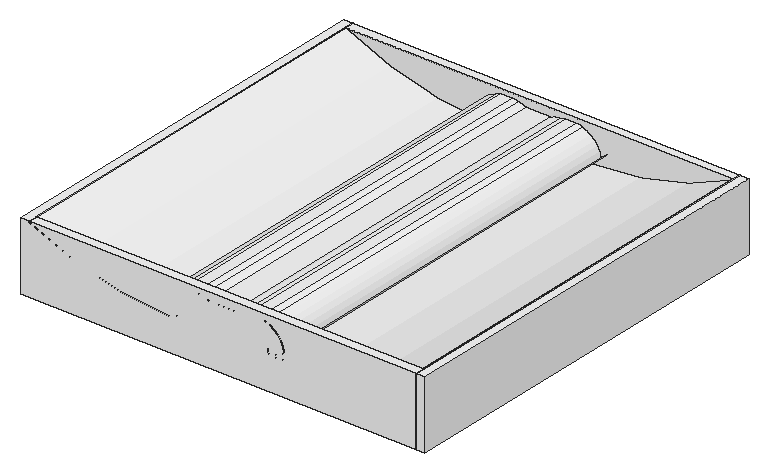
Revit family "LTGR22", category Lighting Fixtures, host Face, Revit 2014
Parameters (values of type "LTGR22")
  Width = 23.75"
  Wattage = 32 W
  Warranty = "5-Years Warranty"  # constant formula
  built-in parameter 1150110 = 1 (stored number, unit not read)
  Voltage = 120 V
  Type Comments = "Lighting Fixture"  # constant formula
  built-in parameter 1114217 = 1 (stored number, unit not read)
  Tilt Angle = -90.00°
  built-in parameter 1150109 = 1 (stored number, unit not read)
  built-in parameter 1150134 = 2
  built-in parameter 1150113 = 1 (stored number, unit not read)
  Product Page URL = "https://www.hubbell.com/hubbelllightingci/en/Products/Lighting-Controls/Commercial-Indoor-Lighting/Recessed-Linear-Troffers/LTGR/p/241924"
  Product Documentation Link = "https://hubbellcdn.com/specsheet/ltgr22.pdf"
  Power Factor = 1
  Photometric Web File = "LTGR22-30HLx-Rx-EDU.ies"
  Photometric Notes = "More IES files download on Photometric Link"  # constant formula
  Photometric Link = "https://www.hubbell.com/hubbelllightingci/en/Products/Lighting-Controls/Commercial-Indoor-Lighting/Recessed-Linear-Troffers/LTGR/p/241924"
  zz Length 1 = 23.75"
  Wattage Comments = ""
  URL = "https://www.hubbell.com/hubbelllightingci/en"
  Mounting = "Recessed"  # constant formula
  Model = "2'X2' Recessed Linear Troffers"  # constant formula
  Manufacturer = "Hubbell Lighting"  # constant formula
  built-in parameter 1150105 = 287.75 (stored number, unit not read)
  Lumens = 3616 lm
  built-in parameter 1150115 = 1 (stored number, unit not read)
  Load Classification = Lighting
  built-in parameter 1150137 = (empty or 0)
  built-in parameter 1150139 = (empty or 0)
  built-in parameter 1150112 = 1 (stored number, unit not read)
  built-in parameter 1150114 = 1 (stored number, unit not read)
  Lamp = "LED"  # constant formula
  built-in parameter 1150132 = (empty or 0)
  built-in parameter 1150102 = (empty or 0)
  built-in parameter 1150107 = 5000 (stored number, unit not read)
  built-in parameter 1150138 = (empty or 0)
  built-in parameter 1150106 = 2.8775 (stored number, unit not read)
  Glass = Paint - Hubbell - White
  Fixture Distribution = "Direct-Symmetric"  # constant formula
  Emit from Rectangle Width = Width - 1.00"  # 22.75"
  Emit from Rectangle Length = zz Length 1 - 1.00"  # 22.75"
  Emit Shape Visible in Rendering = no
  built-in parameter 1150104 = 10.498 (stored number, unit not read)
  Dimming Lamp Color Temperature Shift = <None>
  Description = "An attractive specification grade solution for indoor commercial applications, LTGR delivers high efficacy lumen packages ranging from 2,475 to 9,200, and two architecturally styled lens options"  # constant formula
  Default Elevation = 48.00"
  Create Date = "07/27/2018"  # constant formula
  Copyright = "Copyright © 2018 Hubbell "  # constant formula
  Contact Us = "https://www.hubbell.com/hubbelllightingci/en/contactUs?productId=241924"
  Color Filter = 16777215
  built-in parameter 1114218 = 1 (stored number, unit not read)
  Housing Material = Paint - Hubbell - White
  built-in parameter 1150133 = 10 (stored number, unit not read)
  Assembly Code = "D5020200"
  Apparent Load = 0 VA
Reference planes (in)
  plane 1 "Center (Front/Back)": y = 8.62124
  plane 2: z = 0
  plane 3 "Center (Left/Right)": x = 0
  plane 4: z = 0
  plane 5: z = -3.75
  plane 6: y = 20.49624
  plane 7: y = -3.25376
  plane 8: x = -11.875
  plane 9: x = 11.875
  plane 10: z = 0.25
Forms (in)
  Extrusion 1, solid, material "Paint - Hubbell - White" <- "Glass"
    sketch origin (0, 8.62124, 0) x (1, 0, 0) y (0, 0, 1)
      loop
        line (-11.375, 0.24724) -> (-11.375, -3.73597) -> (11.375, -3.73597) -> (11.375, 0.24724)
        arc (11.375, 0.24724) -> (7.36754, -1.24736) -> (3.12749, -1.80909) r 19.02757
        arc (3.12749, -1.80909) -> (2.9507, -1.81078) -> (2.7739, -1.80909) r 9.26353
        line (2.7739, -1.80909) -> (2.65819, -1.69338) -> (3.10497, -1.69338) -> (3.10497, -1.64483) -> (2.68461, -1.64483) -> (2.68461, -1.53421) -> (3.06349, -1.53421)
        arc (3.06349, -1.53421) -> (3.37485, -1.56725) -> (3.6166, -1.36828) r 0.40473
        arc (3.6166, -1.36828) -> (3.24819, -0.57308) -> (2.51201, -0.09759) r 1.57612
        arc (2.51201, -0.09759) -> (2.36916, -0.03538) -> (2.21568, -0.00859) r 0.65633
        arc (2.21568, -0.00859) -> (1.88628, 0.00027) -> (1.55688, -0.00859) r 6.12642
        arc (1.55688, -0.00859) -> (1.3867, -0.02811) -> (1.22011, -0.06798) r 1.41956
        arc (1.22011, -0.06798) -> (0.94327, -0.10841) -> (0.67948, -0.20166) r 1.43883
        arc (0.67948, -0.20166) -> (-0.0532, -0.19233) -> (-0.78591, -0.20005) r 31.49433
        arc (-0.78591, -0.20005) -> (-0.99763, -0.11632) -> (-1.22011, -0.06798) r 1.40142
        arc (-1.22011, -0.06798) -> (-1.3867, -0.02811) -> (-1.55688, -0.00859) r 1.41956
        arc (-1.55688, -0.00859) -> (-1.88628, 0.00027) -> (-2.21568, -0.00859) r 6.12642
        arc (-2.21568, -0.00859) -> (-2.36916, -0.03538) -> (-2.51201, -0.09759) r 0.65633
        arc (-2.51201, -0.09759) -> (-3.24819, -0.57308) -> (-3.6166, -1.36828) r 1.57612
        arc (-3.6166, -1.36828) -> (-3.37485, -1.56725) -> (-3.06349, -1.53421) r 0.40473
        line (-3.06349, -1.53421) -> (-2.68461, -1.53421) -> (-2.68461, -1.64483) -> (-3.10497, -1.64483) -> (-3.10497, -1.69338) -> (-2.65819, -1.69338) -> (-2.7739, -1.80909)
        arc (-2.7739, -1.80909) -> (-2.9507, -1.81078) -> (-3.12749, -1.80909) r 9.26353
        arc (-3.12749, -1.80909) -> (-7.36754, -1.24736) -> (-11.375, 0.24724) r 19.02757
    from -11.875 to 11.875
  Extrusion 2, solid, material "Paint - Hubbell - White" <- "Housing Material"
    sketch origin (0, 0, 0) x (1, 0, 0) y (0, 1, 0)
      loop
        line (-11.875, 20.49624) -> (-11.875, -3.25376) -> (11.875, -3.25376) -> (11.875, 20.49624) -> (-11.875, 20.49624)
      loop
        line (-11.375, 19.99624) -> (-11.375, -2.75376) -> (11.375, -2.75376) -> (11.375, 19.99624) -> (-11.375, 19.99624)
    from 0.25 to -3.75
  Extrusion 3, void
    sketch origin (0, 0, 0) x (1, 0, 0) y (0, 1, 0)
      loop
        line (-11.875, 20.49624) -> (-11.875, -3.25376) -> (11.875, -3.25376) -> (11.875, 20.49624) -> (-11.875, 20.49624)
    from 0 to -4
Dimensions and locks (in)
  "zz Length 1": plane 6 to plane 7
  equal spacing: plane 7, plane 1 "Center (Front/Back)", plane 6
  "Width": plane 8 to plane 9
  equal spacing: plane 8, plane 3 "Center (Left/Right)", plane 9
  plane 10 to plane 5 = 4.00"
  aligned and locked: plane 2 to host face
  aligned and locked: level to host face
  aligned and locked: plane 3 "Center (Left/Right)" to imposter light
  aligned and locked: Extrusion 2 sketch curve to plane 6
  aligned and locked: plane 8 to Extrusion 2 sketch curve
  aligned and locked: plane 7 to Extrusion 2 sketch curve
  aligned and locked: Extrusion 2 sketch curve to plane 9
  aligned and locked: plane 10 to Extrusion 2
  aligned and locked: Extrusion 2 to plane 5
  aligned and locked: Extrusion 1 sketch curve to Extrusion 2
  aligned and locked: Extrusion 3 sketch curve to Extrusion 2  (x4)
Automatic sketch dimensions
  host sketch curve to host sketch curve = 96.00"  (x2)
  Extrusion 2 sketch curve to plane 6 = 0.50"
  plane 7 to Extrusion 2 sketch curve = 0.50"
  plane 8 to Extrusion 2 sketch curve = 0.50"
  Extrusion 2 sketch curve to plane 9 = 0.50"
  Extrusion 1 sketch curve to level = 1.17958"  (x2)
  Extrusion 1 sketch curve to Extrusion 1 sketch curve = 0.15357"
  Extrusion 1 sketch curve to Extrusion 1 sketch curve = 0.04148"  (x2)
  plane 3 "Center (Left/Right)" to Extrusion 1 sketch curve = 2.9507"
  Extrusion 1 sketch curve to Extrusion 1 sketch curve = 0.33107"
  plane 3 "Center (Left/Right)" to Extrusion 1 sketch curve = 2.76435"
  Extrusion 1 sketch curve to Extrusion 1 sketch curve = 0.08929"
  Extrusion 1 sketch curve to Extrusion 1 sketch curve = 0.02642"  (x2)
  Extrusion 1 sketch curve to Extrusion 1 sketch curve = 0.50422"
  Extrusion 1 sketch curve to Extrusion 1 sketch curve = 0.59951"  (x2)
  plane 3 "Center (Left/Right)" to Extrusion 1 sketch curve = 1.88628"
  Extrusion 1 sketch curve to Extrusion 1 sketch curve = 0.42548"  (x2)
  Extrusion 1 sketch curve to Extrusion 1 sketch curve = 0.34455"
  Extrusion 1 sketch curve to plane 3 "Center (Left/Right)" = 0.08793"
  Extrusion 1 sketch curve to plane 3 "Center (Left/Right)" = 1.40544"
  Extrusion 1 sketch curve to Extrusion 1 sketch curve = 0.22776"
  Extrusion 1 sketch curve to plane 3 "Center (Left/Right)" = 1.88628"
  Extrusion 1 sketch curve to Extrusion 1 sketch curve = 0.54718"
  Extrusion 1 sketch curve to plane 3 "Center (Left/Right)" = 2.76435"
  Extrusion 1 sketch curve to Extrusion 1 sketch curve = 0.11571"  (x3)
  Extrusion 1 sketch curve to plane 3 "Center (Left/Right)" = 2.9507"
  Extrusion 1 sketch curve to Extrusion 1 sketch curve = 0.37888"
  Extrusion 1 sketch curve to Extrusion 1 sketch curve = 0.19506"
  Extrusion 1 sketch curve to plane 10 = 0.00276"  (x2)
  plane 8 to Extrusion 1 sketch curve = 0.50"
  Extrusion 1 sketch curve to level = 1.4261"  (x2)
  Extrusion 1 sketch curve to Extrusion 1 sketch curve = 0.03099"
  Extrusion 1 sketch curve to Extrusion 1 sketch curve = 0.07907"
  Extrusion 1 sketch curve to Extrusion 1 sketch curve = 0.35463"  (x2)
  Extrusion 1 sketch curve to Extrusion 1 sketch curve = 0.18101"  (x2)
  Extrusion 1 sketch curve to Extrusion 1 sketch curve = 0.11062"  (x2)
  Extrusion 1 sketch curve to Extrusion 1 sketch curve = 0.04855"  (x2)
  plane 5 to Extrusion 1 sketch curve = 0.01403"
  Extrusion 1 sketch curve to plane 5 = 2.37615"  (x2)
  Extrusion 1 sketch curve to level = 0.66397"  (x2)
  plane 10 to Extrusion 1 sketch curve = 7.20276"
  Extrusion 1 sketch curve to Extrusion 1 sketch curve = 0.00"  (x6)
  Extrusion 1 sketch curve to Extrusion 1 sketch curve = 9.76226"
  Extrusion 1 sketch curve to Extrusion 1 sketch curve = 0.35805"
  Extrusion 1 sketch curve to level = 0.09759"  (x2)
  Extrusion 1 sketch curve to level = 0.06798"  (x2)
  Extrusion 1 sketch curve to level = 0.20166"
  Extrusion 1 sketch curve to Extrusion 1 sketch curve = 0.54063"
  Extrusion 1 sketch curve to level = 0.20005"
  Extrusion 1 sketch curve to plane 3 "Center (Left/Right)" = 0.78591"
